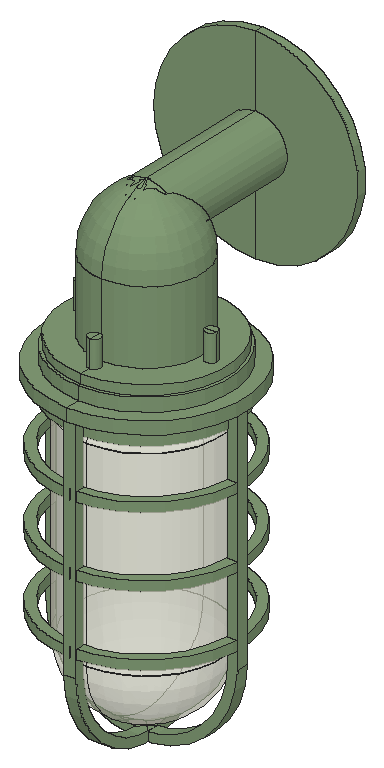
Revit family "A1 - INC", category Lighting Fixtures, host Wall, Revit 2024
Family settings
  Host = Wall
  Round Connector Dimension = Use Diameter
  Part Type = Normal
  OmniClass Number = 23.80.70.00
  OmniClass Title = Lighting
  Always vertical = Yes
  Cut with Voids When Loaded = No
  Light Source = No
  Maintain Annotation Orientation = No
  Shared = No
  Room Calculation Point = No
Parameters
  Default Elevation = 0' - 0"
Reference planes (in)
  plane 1: y = 0
  plane 2 "Light Source Axis (F/B)": y = 8
  plane 3 "Light Source Axis (L/R)": x = -1.43133
  plane 4 "Light Source Elevation": z = 77.42225
Forms (in)
  Revolve 1, solid, material "55"
    sketch origin (-1.43133, 0, 0) x (0, -1, 0) y (0, 0, 1)
      loop
        line (3, 79.60975) -> (3, 77.42225) -> (3.1875, 77.42225) -> (3.1875, 79.60975) -> (3, 79.60975)
      axis (3.1875, 77.42225) -> (3, 77.42225)
    angle from 0 to 360
  Revolve 2, solid, material "55"
    sketch origin (-1.43133, 0, 0) x (0, -1, 0) y (0, 0, 1)
      loop
        line (4.27708, 74.34056) -> (4.27708, 73.96789) -> (4.64066, 73.96789) -> (4.64066, 74.06164) -> (4.37083, 74.06164) -> (4.37083, 74.43431) -> (4.09674, 74.43431) -> (4.09674, 74.51599) -> (4.40625, 74.51599) -> (4.40625, 74.8007) -> (4.46875, 74.8007) -> (4.46875, 75.00252) -> (6.125, 75.00252) -> (6.125, 75.09627) -> (4.375, 75.09627) -> (4.375, 74.89445) -> (4.3125, 74.89445) -> (4.3125, 74.60974) -> (4.00299, 74.60974) -> (4.00299, 74.34056) -> (4.27708, 74.34056)
      axis (6.125, 75.09627) -> (6.125, 73.96789)
    angle from 0 to 360
  Revolve 3, solid
    sketch origin (-1.43133, 0, 0) x (0, -1, 0) y (0, 0, 1)
      loop
        arc (7.725, 73.68447) -> (7.68858, 73.7724) -> (7.60065, 73.80882) r 0.12435
        arc (7.60065, 73.80882) -> (7.58743, 73.89053) -> (7.55803, 73.96789) r 0.40911
        line (7.55803, 73.96789) -> (7.55803, 74.3873) -> (7.46428, 74.3873) -> (7.46428, 73.94419)
        arc (7.46428, 73.94419) -> (7.49401, 73.87627) -> (7.50706, 73.80328) r 0.31536
        line (7.50706, 73.80328) -> (7.60065, 73.71507)
        arc (7.60065, 73.71507) -> (7.62229, 73.70611) -> (7.63125, 73.68447) r 0.0306
        line (7.63125, 73.68447) -> (7.63125, 69.40947)
        arc (7.63125, 69.40947) -> (7.19008, 68.34439) -> (6.125, 67.90322) r 1.50625
        line (6.125, 67.90322) -> (6.125, 67.80947)
        arc (6.125, 67.80947) -> (7.25637, 68.2781) -> (7.725, 69.40947) r 1.6
        line (7.725, 69.40947) -> (7.725, 73.68447)
      axis (6.125, 67.80947) -> (6.125, 74.3873)
    angle from 0 to 360
  Extrusion 4, solid, material "55"
    sketch origin (-1.43133, 0, 0) x (0, -1, 0) y (0, 0, 1)
      loop
        line (4.07526, 74.34056) -> (4.07526, 69.40947)
        arc (4.07526, 69.40947) -> (6.125, 67.35974) -> (8.17474, 69.40947) r 2.04974
        line (8.17474, 69.40947) -> (8.17474, 74.34056) -> (7.97292, 74.34056) -> (7.97292, 69.40947)
        arc (7.97292, 69.40947) -> (7.41963, 68.09086) -> (6.09108, 67.56187) r 1.84792
        arc (6.09108, 67.56187) -> (4.80639, 68.11485) -> (4.27708, 69.40947) r 1.84792
        line (4.27708, 69.40947) -> (4.27708, 74.34056) -> (4.07526, 74.34056)
    from -0.12614 to 0.12614
  Extrusion 5, solid, material "55"
    sketch origin (-7.55633, -6.125, 0) x (1, 0, 0) y (0, 0, 1)
      loop
        line (4.07526, 74.34056) -> (4.07526, 69.40947)
        arc (4.07526, 69.40947) -> (6.125, 67.35974) -> (8.17474, 69.40947) r 2.04974
        line (8.17474, 69.40947) -> (8.17474, 74.34056) -> (7.97292, 74.34056) -> (7.97292, 69.40947)
        arc (7.97292, 69.40947) -> (7.41963, 68.09086) -> (6.09108, 67.56187) r 1.84792
        arc (6.09108, 67.56187) -> (4.80639, 68.11485) -> (4.27708, 69.40947) r 1.84792
        line (4.27708, 69.40947) -> (4.27708, 74.34056) -> (4.07526, 74.34056)
    from -0.12614 to 0.12614
  Revolve 6, solid, material "55"
    sketch origin (-1.43133, 0, 0) x (0, -1, 0) y (0, 0, 1)
      loop
        line (4.27708, 73.01071) -> (4.07526, 73.01071) -> (4.07526, 72.80889) -> (4.27708, 72.80889) -> (4.27708, 73.01071)
      loop
        line (4.27708, 71.49705) -> (4.07526, 71.49705) -> (4.07526, 71.29523) -> (4.27708, 71.29523) -> (4.27708, 71.49705)
      loop
        line (4.27708, 69.9834) -> (4.07526, 69.9834) -> (4.07526, 69.78158) -> (4.27708, 69.78158) -> (4.27708, 69.9834)
      axis (6.125, 69.78158) -> (6.125, 73.01071)
    angle from 0 to 360
  Revolve 7, solid, material "55"
    sketch origin (-1.43133, 0, 0) x (0, -1, 0) y (0, 0, 1)
      loop
        line (6.125, 75.09627) -> (7.31069, 75.09627) -> (7.31069, 76.65947)
        arc (7.31069, 76.65947) -> (6.97523, 77.58384) -> (6.125, 78.07792) r 1.4413
        line (6.125, 78.07792) -> (6.125, 75.09627)
      axis (6.125, 75.09627) -> (6.125, 78.07792)
    angle from 0 to 360
  Revolve 8, solid, material "55"
    sketch origin (-1.43133, 0, 0) x (0, -1, 0) y (0, 0, 1)
      loop
        line (3.1875, 78.07792) -> (3.1875, 77.42225) -> (7.02737, 77.42225)
        arc (7.02737, 77.42225) -> (6.6521, 77.8555) -> (6.12384, 78.07792) r 1.26122
        line (6.12384, 78.07792) -> (3.1875, 78.07792)
      axis (7.02737, 77.42225) -> (3.1875, 77.42225)
    angle from 0 to 360
  Revolve 9, solid, material "55"
    sketch origin (-7.55633, -6.125, 0) x (1, 0, 0) y (0, 0, 1)
      loop
        line (4.60666, 75.09627) -> (4.73578, 75.09627) -> (4.73578, 75.65536) -> (4.60666, 75.65536) -> (4.60666, 75.09627)
      axis (4.73578, 75.65536) -> (4.73578, 75.09627)
    angle from 0 to 360
  Revolve 10, solid, material "55"
    sketch origin (4.69367, -6.125, 0) x (-1, 0, 0) y (0, 0, -1)
      loop
        line (4.60666, -75.09627) -> (4.60666, -75.65536) -> (4.73578, -75.65536) -> (4.73578, -75.09627) -> (4.60666, -75.09627)
      axis (4.73578, -75.65536) -> (4.73578, -75.09627)
    angle from 0 to 360
  Revolve 11, solid, material "55"
    sketch origin (-1.43133, -12.25, 0) x (0, 1, 0) y (0, 0, 1)
      loop
        line (4.60666, 75.09627) -> (4.73578, 75.09627) -> (4.73578, 75.65536) -> (4.60666, 75.65536) -> (4.60666, 75.09627)
      axis (4.73578, 75.65536) -> (4.73578, 75.09627)
    angle from 0 to 360
  Revolve 12, solid, material "55"
    sketch origin (-1.43133, 0, 0) x (0, -1, 0) y (0, 0, -1)
      loop
        line (4.60666, -75.09627) -> (4.60666, -75.65536) -> (4.73578, -75.65536) -> (4.73578, -75.09627) -> (4.60666, -75.09627)
      axis (4.73578, -75.65536) -> (4.73578, -75.09627)
    angle from 0 to 360
Text (in)
  text "Placement Side" at (0, 40.15149, 123.01588), in view "Right"
  text "Placement Side" at (-70.3804, 28.46503, 0), in view "Ref. Level"
  text "Placement Side" at (0, 85.69064, 140.59947), in view "Left"
Dimensions and locks (in)
  aligned: level to host wall
